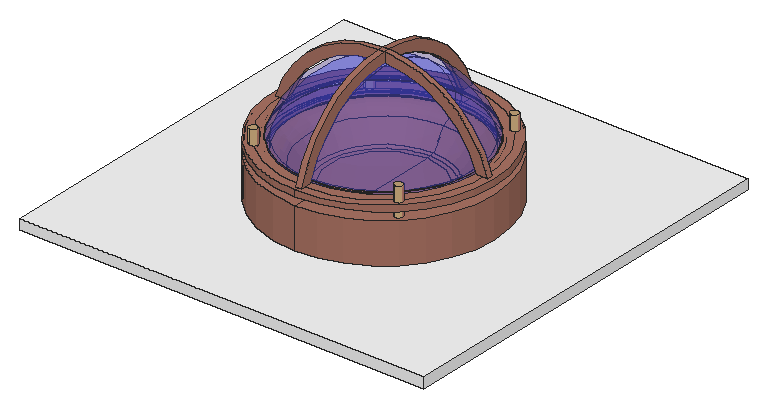
Revit family "BE_31327_de_DE", category Leuchten, Revit 2020
Family settings
  Basisbauteil = Fläche
  Bemaßung runder Anschluss = Durchmesser verwenden
  Teiletyp = Normal
  Beim Laden mit Abzugskörper schneiden = Ja
  Lichtquelle = Ja
  Gemeinsam genutzt = Nein
  Raumberechnungspunkt = Ja
Parameters (values of type "BEGA_31327_K3")
  built-in parameter 1150104 = 17.029 (stored number, unit not read)
  Wattage = 3.9 W
  Default Elevation = 0 mm
  built-in parameter 1150113 = 1 (stored number, unit not read)
  built-in parameter 1114218 = 1 (stored number, unit not read)
  Umgebungstemperatur = "25 °C"
  URL = "https://www.bega.com/de/produkt/31327"
  Typenkommentare = "© 2022 BEGA. Wir behalten uns das Recht vor, technische Änderungen ohne vorherige Ankündigung vorzunehmen."  # constant formula
  built-in parameter 1150134 = (empty or 0)
  built-in parameter 1150109 = 1 (stored number, unit not read)
  Strom = ""
  built-in parameter 1150110 = 1 (stored number, unit not read)
  Spannung = 239.996 V
  Sonderanfertigung = no
  Seriennummer [instance] = "Hier können Sie die eindeutige Seriennummer für das Facility Management eintragen."
  Schutzklasse = "I"
  Schutzart = "IP 64"
  Scheinlast = 0 VA
  Produktdatenblatt = "https://cdn.bega.com/bega/products/31327K3/current/documents/data-sheets/de"
  Oberflächentemperatur = ""
  Neigungswinkel = 0.00°
  Modell = "31327K3"
  Material_31 = BEGA_Oberfläche_Messing_matt
  Material_29 = BEGA_Oberfläche_Kupfer_matt
  Material_17 = BEGA_Reflektor
  Material_15 = BEGA_Leuchtmedium_matt
  Material_11 = BEGA_Glas_opal
  Material_09 = BEGA_Glas_klar
  Material_06 = BEGA_Oberfläche_Edelstahl_gebürstet
  Material_03 = BEGA_Oberfläche_Weiss_matt
  Material_02 = BEGA_Oberfläche_Silber_matt
  Material_01 [instance] = BEGA_Oberfläche_Grafit_matt
  M_W = no
  M_G = no
  M_A = no
  Logo = 0
  built-in parameter 1114217 = 1 (stored number, unit not read)
  built-in parameter 1150139 = (empty or 0)
  built-in parameter 1150105 = 56.888 (stored number, unit not read)
  built-in parameter 1150114 = 1 (stored number, unit not read)
  Lumens = 714.87 lm
  built-in parameter 1150115 = 1 (stored number, unit not read)
  Leuchtenlichtstrom = "386 lm"
  Leuchtenanzahl = ""
  Lebensdauerkriterien = "L70B50 @ 25 °C = 200000 h"
  Lastklassifizierung = Beleuchtung
  built-in parameter 1150112 = 1 (stored number, unit not read)
  Lampenlichtstrom = "715 lm"
  Lampe = "LED 3.9 W"
  LED_Modulbezeichnung = "LED-0480/830"
  built-in parameter 1150142 = (empty or 0)
  Hersteller = "BEGA"  # constant formula
  Halbstreuwinkel = ""
  Gewicht = "1.8 kg"
  Gebrauchslageneinschränkung [instance] = ""
  Frequenz = "0/50-60 Hz"
  Farbwiedergabeindex = "CRI > 80"
  Farbtemperaturverschiebung bei Dämpfen der Lampe = <Keine Auswahl>
  Farbtemperatur = "3000 K"
  Color Filter = 16777215
  built-in parameter 1150133 = 10 (stored number, unit not read)
  Energieeffizienzklasse = "LED A++ - A"
  built-in parameter 1150137 = (empty or 0)
  built-in parameter 1150132 = (empty or 0)
  ENEC = "ja"
  Datei für fotometrisches Netz = "BE_31327K3.IES"
  CE_Konformität = "ja"
  Bestellnummer = "31327K3"
  Beschreibung_Sonderanfertigung = "Hier können Sie Informationen zur Sonderanfertigung eintragen."
  Beschreibung = "Decken- und Wandleuchte"
  built-in parameter 1150106 = 0.56888 (stored number, unit not read)
  Befestigungsbohrung = "Ø 4,5 mm"
  Befestigungsabstand = "69 x 69 mm"
  Ballwurfsicher = ""
  BEGA_Intern_aus = yes
  BEGA_Intern_an = yes
  BEGA_Intern_Konstruktion = yes
  BEGA_Intern = yes
  BEGA_IES = yes
  BEGA_Dummy = no
  Anschlussleitung = ""
  Anschlussleistung [instance] = "5 W"
  built-in parameter 1150107 = 3000 (stored number, unit not read)
  built-in parameter 1150102 = (empty or 0)
  built-in parameter 1150138 = (empty or 0)
  Aktualisierung = "2022-05-18T04:00:07"
  Abstand_zur_angestrahlten_Fläche [instance] = ""
  AC/DC = "AC/DC"
Reference planes
  plane 1 "Mitte (Vorne/Hinten)": y = 0
  plane 2: z = 0
  plane 3 "Mitte (Links/Rechts)": x = 0
  plane 4 "Links": x = -110
  plane 5 "Rechts": x = 110
  plane 6 "Unten": y = -110
  plane 7 "Oben": y = 110
  plane 8 "Vorne": z = 132.405
  plane 9 "Hinten": z = 0
Forms (mm)
  Extrusion 1, solid, material "BEGA_Platte_Weiss"
    sketch origin (0, -1119.2, 0) x (1, 0, 0) y (0, 1, 0)
      loop
        line (-200, 1319.2) -> (-200, 919.2) -> (200, 919.2) -> (200, 1319.2) -> (-200, 1319.2)
    from 0 to -10
  Extrusion 2, solid, material "BEGA_Dummy_matt", visible <- "BEGA_Dummy"
    sketch origin (77.149, -76.023, 0) x (1, 0, 0) y (0, 1, 0)
      loop
        circle (-77.149, 76.023) r 110
    from 0 to 132.405
Dimensions and locks
  plane 1 "Mitte (Vorne/Hinten)" to Extrusion 1 = 200 mm
  aligned and locked: plane 2 to Extrusion 1
  aligned and locked: level to Extrusion 1
Nested families
  nested 1: "BE_31327" at (0, 0, 0) x (0, 1, 0) z (0, 0, 1), type "BE_31327"
Connectors
  electrical at (0, 0, 0), driven by "Lastklassifizierung", driven by "Spannung", driven by "Scheinlast"
    settings: index 1, voltage 239.996 V, apparent load 0 VA, apparent load phase1 0 VA, apparent load phase2 0 VA, apparent load phase3 0 VA, power factor 1, load classification "Beleuchtung", number of poles 1, system type 31, power factor state 1, is connector primary yes, connector utility no, sub classification motor no, connector description ""
Definition of nested family "BE_31327"
  Parameters (values of type "BE_31327")
    Default Elevation = 1 mm
    URL = "http://www.bega.de/de/produkt"
    Type Comments = "© 2015 BEGA. Wir behalten uns das Recht vor, technische Änderungen ohne vorherige Ankündigung vorzunehmen. "  # constant formula
    Type Image = (empty or 0)
    Neigungswinkel_um_Z2 = 0.00°
    Neigungswinkel_um_Z1 = 0.00°
    Neigungswinkel_um_Y2 = 0.00°
    Neigungswinkel_um_Y1 = 0.00°
    Neigungswinkel_um_X2 = 0.00°
    Neigungswinkel_um_X1 = 0.00°
    Material_31 = none
    Material_29 = none
    Material_17 = none
    Material_15 = none
    Material_11 = none
    Material_09 = none
    Material_06 = none
    Material_02 = none
    Material_01 = none
    M_W = yes
    M_G = yes
    M_A = yes
    Länge_Platte = 200 mm  # constant formula
    Höhe_Platte = -10 mm  # constant formula
    Manufacturer = "BEGA"  # constant formula
    Drehwinkel_um_Z2 = 0.00°
    Drehwinkel_um_Z1 = 0.00°
    Breite_Platte = 200 mm  # constant formula
  Reference planes
    plane 1 "Mitte (Oben/Unten)": y = 0
    plane 2: z = 0
    plane 3 "Mitte (Links/Rechts)": x = 0
    plane 4 "Vorne": z = 132.405
    plane 5 "Hinten": z = 0
    plane 6 "Rechts": x = 110
    plane 7 "Oben": y = 110
    plane 8: x = -110
    plane 9: y = -110
  Forms (mm)
    Extrusion 1, solid, detail levels medium
      sketch origin (0, 0, 0) x (1, 0, 0) y (0, 1, 0)
        loop
          line (-100, 100) -> (-100, -100) -> (100, -100) -> (100, 100) -> (-100, 100)
      from 0 to -10 <- "Höhe_Platte"
    Revolve 2, solid, material <- "Material_29"
      sketch origin (0, 0, 0) x (1, 0, 0) y (0, 0, 1)
        loop
          line (-106, 3.25) -> (-109, 3.25) -> (-109, 41.25) -> (-94, 41.25) -> (-94, 38.75) -> (-91.376, 38.75)
          arc (-91.376, 38.75) -> (-82.515, 36.675) -> (-75.491, 30.888) r 20
          line (-75.491, 30.888) -> (-61.999, 13.22)
          arc (-61.999, 13.22) -> (-60.244, 11.771) -> (-58.029, 11.25) r 5
          line (-58.029, 11.25) -> (-54.203, 11.25) -> (0, 11.25) -> (0, 12.25) -> (-54.13, 12.25) -> (-58.027, 12.25)
          arc (-58.027, 12.25) -> (-59.797, 12.666) -> (-61.201, 13.822) r 4
          line (-61.201, 13.822) -> (-74.696, 31.495)
          arc (-74.696, 31.495) -> (-82.076, 37.573) -> (-91.386, 39.75) r 21
          line (-91.386, 39.75) -> (-93, 39.75) -> (-93, 42.25) -> (-110, 42.25) -> (-110, 2.25) -> (-106, 2.25) -> (-106, 3.25)
        axis (0, 2.25) -> (0, 42.25)
      angle from 0 to 360
    Revolve 3, solid, material <- "Material_11"
      sketch origin (0, 0, 0) x (1, 0, 0) y (0, 0, 1)
        loop
          line (0, 116.581) -> (0, 120.582)
          arc (0, 120.582) -> (-56.383, 103.607) -> (-92.25, 56.909) r 96
          line (-92.25, 56.909) -> (-92.25, 54.75) -> (-95.616, 54.75) -> (-96, 43.75) -> (-92.5, 43.75) -> (-92.5, 42.25) -> (-88.483, 42.25) -> (-88.483, 55.562)
          arc (-88.483, 55.562) -> (-54.079, 100.337) -> (0, 116.581) r 92
        axis (0, 120.582) -> (0, 42.25)
      angle from 0 to 360
    Revolve 4, solid, material <- "Material_29"
      sketch origin (0, 0, 0) x (1, 0, 0) y (0, 0, 1)
        loop
          line (-109.5, 49.75) -> (-108.5, 49.75) -> (-108.5, 54.75) -> (-103.03, 54.75) -> (-92.75, 54.75) -> (-92.75, 55.75) -> (-101.977, 55.75) -> (-109.5, 55.75) -> (-109.5, 49.75)
        axis (0, 49.75) -> (0, 55.75)
      angle from 0 to 360
    Extrusion 5, solid, material <- "Material_29"
      sketch origin (0, 0, 0) x (1, 0, 0) y (0, 0, 1)
        loop
          arc (-2.616, 132.407) -> (-66.44, 110.92) -> (-105.062, 55.75) r 107.81
          line (-105.062, 55.75) -> (-94.237, 55.75)
          arc (-94.237, 55.75) -> (-59.032, 103.568) -> (-2.616, 122.094) r 97.497
          line (-2.616, 122.094) -> (2.616, 122.095)
          arc (2.616, 122.095) -> (59.032, 103.568) -> (94.237, 55.75) r 97.497
          line (94.237, 55.75) -> (105.062, 55.75)
          arc (105.062, 55.75) -> (66.44, 110.92) -> (2.616, 132.407) r 107.81
          line (2.616, 132.407) -> (2.616, 127.095) -> (-2.616, 127.095) -> (-2.616, 132.407)
      from -2.6 to 2.632
    Extrusion 6, solid, material <- "Material_29"
      sketch origin (-0.016, -0.016, 0) x (0, 1, 0) y (0, 0, 1)
        loop
          arc (-2.616, 132.407) -> (-66.44, 110.92) -> (-105.062, 55.75) r 107.81
          line (-105.062, 55.75) -> (-94.237, 55.75)
          arc (-94.237, 55.75) -> (-59.032, 103.568) -> (-2.616, 122.094) r 97.497
          line (-2.616, 122.094) -> (-2.616, 127.095) -> (2.616, 127.095) -> (2.616, 122.094)
          arc (2.616, 122.094) -> (59.032, 103.568) -> (94.237, 55.75) r 97.497
          line (94.237, 55.75) -> (105.062, 55.75)
          arc (105.062, 55.75) -> (66.44, 110.92) -> (2.616, 132.407) r 107.81
          line (2.616, 132.407) -> (-2.616, 132.407)
      from -2.6 to 2.632
    Extrusion 7, void
      sketch origin (0, 0, 0) x (1, 0, 0) y (0, 1, 0)
        loop
          circle (-71.753, 71.671) r 4
        loop
          circle (71.79, 71.753) r 4
        loop
          circle (71.872, -71.79) r 4
        loop
          circle (-71.671, -71.872) r 4
      from 42.25 to 59.028
    Extrusion 8, solid, material <- "Material_31"
      sketch origin (0, 0, 0) x (1, 0, 0) y (0, 1, 0)
        loop
          circle (-71.753, 71.671) r 4
        loop
          circle (71.79, 71.753) r 4
        loop
          circle (71.872, -71.79) r 4
        loop
          circle (-71.671, -71.872) r 4
      from 42.25 to 69.35
    Extrusion 9, solid, material <- "Material_29"
      sketch origin (0, 0, 0) x (1, 0, 0) y (0, 1, 0)
        loop
          circle (34.295, -34.295) r 6.5
        loop
          circle (-34.295, 34.295) r 6.5
        loop
          circle (-34.295, 34.295) r 2.25
        loop
          circle (34.295, -34.295) r 2.25
      from 0 to 11.25
  Cuts and joins
    Extrusion 7 cuts Revolve 2
    Extrusion 7 cuts Revolve 4
    joined: Revolve 2, Revolve 4, Extrusion 9
  Dimensions and locks
    equal spacing: Extrusion 1 sketch curve, plane 3 "Mitte (Links/Rechts)", Extrusion 1 sketch curve
    equal spacing: Extrusion 1 sketch curve, plane 1 "Mitte (Oben/Unten)", Extrusion 1 sketch curve
    "Länge_Platte": Extrusion 1 sketch curve to Extrusion 1 sketch curve
    "Breite_Platte": Extrusion 1 sketch curve to Extrusion 1 sketch curve
    aligned and locked: plane 2 to Extrusion 1
    aligned and locked: level to Extrusion 1
  Automatic sketch dimensions
    Revolve 2 sketch curve to Revolve 2 sketch curve = 0 mm  (x9)
    Revolve 2 sketch curve to plane 3 "Mitte (Links/Rechts)" = 0 mm  (x2)
    level to Revolve 2 sketch curve = 12.25 mm
    Revolve 2 sketch curve to plane 3 "Mitte (Links/Rechts)" = 54.13 mm
    Revolve 2 sketch curve to Revolve 2 sketch curve = 0.073 mm
    Revolve 2 sketch curve to Revolve 2 sketch curve = 3.892 mm
    Revolve 2 sketch curve to Revolve 2 sketch curve = 3.897 mm
    Revolve 2 sketch curve to Revolve 2 sketch curve = 0.001 mm
    level to Revolve 2 sketch curve = 13.22 mm
    Revolve 2 sketch curve to Revolve 2 sketch curve = 3.971 mm
    Revolve 2 sketch curve to Revolve 2 sketch curve = 29.377 mm
    Revolve 2 sketch curve to Revolve 2 sketch curve = 0.011 mm  (x2)
    Revolve 2 sketch curve to Revolve 2 sketch curve = 1.624 mm
    Revolve 2 sketch curve to Revolve 2 sketch curve = 1 mm  (x6)
    level to Revolve 2 sketch curve = 3.25 mm
    Revolve 2 sketch curve to Revolve 2 sketch curve = 14.614 mm
    Revolve 2 sketch curve to Revolve 2 sketch curve = 15 mm
    level to Revolve 2 sketch curve = 18.75 mm
    Revolve 2 sketch curve to Revolve 2 sketch curve = 20 mm
    Revolve 2 sketch curve to Revolve 2 sketch curve = 1.5 mm
    Revolve 2 sketch curve to Revolve 2 sketch curve = 0.798 mm
    level to Revolve 2 sketch curve = 13.822 mm
    level to Revolve 2 sketch curve = 31.495 mm
    Revolve 2 sketch curve to Revolve 2 sketch curve = 16.679 mm
    level to Revolve 2 sketch curve = 30.888 mm
    Revolve 2 sketch curve to Revolve 2 sketch curve = 0.795 mm
    Revolve 2 sketch curve to Revolve 2 sketch curve = 8.256 mm
    Revolve 2 sketch curve to Revolve 2 sketch curve = 27.083 mm
    Revolve 3 sketch curve to Revolve 3 sketch curve = 0 mm  (x2)
    Revolve 3 sketch curve to plane 3 "Mitte (Links/Rechts)" = 0 mm  (x2)
    Revolve 3 sketch curve to plane 3 "Mitte (Links/Rechts)" = 1.85 mm
    level to Revolve 3 sketch curve = 55.562 mm
    Revolve 3 sketch curve to plane 3 "Mitte (Links/Rechts)" = 88.483 mm
    Revolve 3 sketch curve to Revolve 3 sketch curve = 3.767 mm
    Revolve 3 sketch curve to Revolve 3 sketch curve = 4.017 mm
    Revolve 3 sketch curve to Revolve 3 sketch curve = 3.366 mm
    level to Revolve 3 sketch curve = 43.75 mm
    Revolve 3 sketch curve to Revolve 3 sketch curve = 3.5 mm
    Revolve 3 sketch curve to Revolve 3 sketch curve = 1.5 mm
    level to Revolve 3 sketch curve = 24.6 mm
    Revolve 3 sketch curve to Revolve 3 sketch curve = 0.812 mm
    Revolve 3 sketch curve to Revolve 3 sketch curve = 2.159 mm
    Revolve 3 sketch curve to Revolve 3 sketch curve = 23.54 mm
    Revolve 3 sketch curve to Revolve 3 sketch curve = 8.446 mm
    Revolve 4 sketch curve to plane 3 "Mitte (Links/Rechts)" = 0 mm
    Revolve 4 sketch curve to plane 3 "Mitte (Links/Rechts)" = 92.75 mm
    Revolve 4 sketch curve to Revolve 4 sketch curve = 9.227 mm
    Revolve 4 sketch curve to Revolve 4 sketch curve = 1.053 mm
    Revolve 4 sketch curve to Revolve 4 sketch curve = 5.47 mm
    Revolve 4 sketch curve to Revolve 4 sketch curve = 1 mm  (x2)
    level to Revolve 4 sketch curve = 49.75 mm
    Revolve 4 sketch curve to Revolve 4 sketch curve = 5 mm
    level to Revolve 4 sketch curve = 85.75 mm
    Revolve 4 sketch curve to Revolve 4 sketch curve = 17.05 mm
    Extrusion 5 sketch curve to Extrusion 5 sketch curve = 0 mm  (x7)
    Extrusion 5 sketch curve to Extrusion 5 sketch curve = 10.825 mm  (x2)
    Extrusion 5 sketch curve to plane 3 "Mitte (Links/Rechts)" = 2.616 mm  (x2)
    Extrusion 5 sketch curve to plane 3 "Mitte (Links/Rechts)" = 1.85 mm
    plane 3 "Mitte (Links/Rechts)" to Extrusion 5 sketch curve = 1.85 mm
    plane 3 "Mitte (Links/Rechts)" to Extrusion 5 sketch curve = 2.616 mm  (x2)
    level to Extrusion 5 sketch curve = 55.75 mm  (x2)
    plane 3 "Mitte (Links/Rechts)" to Extrusion 5 sketch curve = 94.237 mm
    level to Extrusion 5 sketch curve = 24.6 mm
    Extrusion 5 sketch curve to Extrusion 5 sketch curve = 5 mm
    Extrusion 5 sketch curve to Extrusion 5 sketch curve = 10.312 mm
    Extrusion 6 sketch curve to Extrusion 6 sketch curve = 0 mm  (x7)
    Extrusion 6 sketch curve to Extrusion 6 sketch curve = 10.825 mm  (x2)
    plane 1 "Mitte (Oben/Unten)" to Extrusion 6 sketch curve = 2.632 mm  (x2)
    plane 1 "Mitte (Oben/Unten)" to Extrusion 6 sketch curve = 1.866 mm
    Extrusion 6 sketch curve to plane 1 "Mitte (Oben/Unten)" = 1.834 mm
    Extrusion 6 sketch curve to plane 1 "Mitte (Oben/Unten)" = 2.6 mm  (x2)
    level to Extrusion 6 sketch curve = 55.75 mm  (x2)
    Extrusion 6 sketch curve to plane 1 "Mitte (Oben/Unten)" = 94.221 mm
    level to Extrusion 6 sketch curve = 24.6 mm
    Extrusion 6 sketch curve to Extrusion 6 sketch curve = 5.001 mm
    Extrusion 6 sketch curve to Extrusion 6 sketch curve = 0.002 mm
    Extrusion 9 sketch curve to Extrusion 9 sketch curve = 0 mm  (x4)
    Extrusion 9 sketch curve to plane 3 "Mitte (Links/Rechts)" = 34.295 mm
    plane 3 "Mitte (Links/Rechts)" to Extrusion 9 sketch curve = 34.295 mm
    plane 1 "Mitte (Oben/Unten)" to Extrusion 9 sketch curve = 34.295 mm
    Extrusion 9 sketch curve to plane 1 "Mitte (Oben/Unten)" = 34.295 mm
    Extrusion 5 sketch curve to plane 3 "Mitte (Links/Rechts)" = 94.237 mm
    plane 1 "Mitte (Oben/Unten)" to Extrusion 6 sketch curve = 94.253 mm
    radius of Extrusion 9 sketch curve = 6.5 mm  (x2)
    radius of Extrusion 9 sketch curve = 2.25 mm  (x2)
